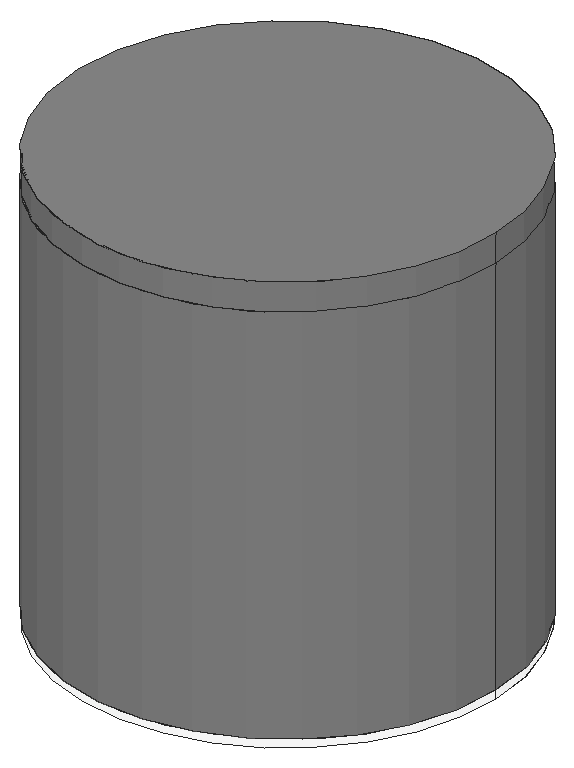
Revit family "M_Luminária embutida - Bocal embutido", category Luminárias, Revit 2019
Family settings
  Hospedeiro = Forro
  Cota do conector redondo = Utilizar diâmetro
  Tipo de parte = Normal
  Número OmniClass = 23.80.70.11.14.11
  Título OmniClass = Downlights
  ID de item do Seek = Downlight - Recessed Can-0000-CAN-ENU
  Sempre na vertical = Não
  Corte com vazios quando carregada = Não
  Fonte luminosa = Sim
  Compartilhado = Não
  Ponto de cálculo do ambiente = Não
Parameters (values of type "Fluorescente - 277V")
  Wattage = 18 W
  built-in parameter 1150110 = 1 (stored number, unit not read)
  built-in parameter 1114217 = 0.88 (stored number, unit not read)
  built-in parameter 1150109 = 1 (stored number, unit not read)
  built-in parameter 1150134 = 8
  built-in parameter 1150113 = 1 (stored number, unit not read)
  Tilt Angle = 90.00°
  built-in parameter 1010507 = 1.5708 (stored number, unit not read)
  built-in parameter 1010506 = 0.5236 (stored number, unit not read)
  Raio do recesso = Diâmetro do recesso / 2  # 100 mm
  Raio interno do recesso = Raio do recesso - 12.7 mm  # 87.3 mm
  Sombra = Aço, acabamento de pintura, cinza escuro, fosco
  built-in parameter 1150115 = 1 (stored number, unit not read)
  built-in parameter 1150105 = 4179.2 (stored number, unit not read)
  Classificação de carga = Iluminação - Unidade de interrupção
  Comprimento do símbolo da fonte luminosa = 1500 mm
  built-in parameter 1150137 = 1
  built-in parameter 1150139 = (empty or 0)
  built-in parameter 1150112 = 1 (stored number, unit not read)
  built-in parameter 1150114 = 1 (stored number, unit not read)
  built-in parameter 1150132 = (empty or 0)
  built-in parameter 1150102 = (empty or 0)
  built-in parameter 1150138 = (empty or 0)
  built-in parameter 1150107 = 4230 (stored number, unit not read)
  built-in parameter 1150106 = 41.792 (stored number, unit not read)
  built-in parameter 1150104 = 6.4512 (stored number, unit not read)
  Dimming Lamp Color Temperature Shift = (empty or 0)
  Difusor = Vidro, Branco, Alta Luminosidade
  Filtro de cor = 16777215
  Voltagem do transformador = 277 V
  Transformador por número de postes = 1
  built-in parameter 1114218 = 0.88 (stored number, unit not read)
  built-in parameter 1150133 = 10 (stored number, unit not read)
  Código de montagem = "D5020210"
  Altura do recesso = 200 mm
  Diâmetro do recesso = 200 mm
  Lamp = ""
  Lumens = 1249.92 lm
  Wattage Comments = ""
  Apparent Load = 18 VA
Types (7, lengths in mm): name | Wattage | built-in parameter 1114217 | built-in parameter 1150134 | Raio do recesso | Raio interno do recesso | built-in parameter 1150105 | Comprimento do símbolo da fonte luminosa | built-in parameter 1150107 | built-in parameter 1150106 | built-in parameter 1150104 | Voltagem do transformador | built-in parameter 1114218 | Código de montagem | Diâmetro do recesso | Lamp | Lumens | Apparent Load
  (no name) | 18 W | 0.88 (stored number, unit not read) | 8 | 100 | 87.3 | 4179.2 (stored number, unit not read) | 1500 | 4230 (stored number, unit not read) | 41.792 (stored number, unit not read) | 6.4512 (stored number, unit not read) | 277 V | 0.88 (stored number, unit not read) | "D5020210" | 200 | "" | 1249.92 lm | 18 VA
  152 mm Incandescente - 120V | 60 W | 1 (stored number, unit not read) | 4 | 75 | 62.3 | 2858.8 (stored number, unit not read) | 3048 | 2800 (stored number, unit not read) | 28.588 (stored number, unit not read) | 1.3239 (stored number, unit not read) | 120 V | 1 (stored number, unit not read) | "D5020220" | 150 | "A-19" | 855 lm | 60 VA
  203 mm Incandescente - 120V | 100 W | 1 (stored number, unit not read) | 4 | 100 | 87.3 | 5851.2 (stored number, unit not read) | 3048 | 2800 (stored number, unit not read) | 58.512 (stored number, unit not read) | 1.6258 (stored number, unit not read) | 120 V | 1 (stored number, unit not read) | "D5020220" | 200 | "A-19" | 1750 lm | 100 VA
  152 mm Incandescente - 277V | 60 W | 1 (stored number, unit not read) | 4 | 75 | 62.3 | 2858.8 (stored number, unit not read) | 3048 | 2800 (stored number, unit not read) | 28.588 (stored number, unit not read) | 1.3239 (stored number, unit not read) | 277 V | 1 (stored number, unit not read) | "D5020220" | 150 | "A-19" | 855 lm | 60 VA
  203 mm Incandescente - 277V | 100 W | 1 (stored number, unit not read) | 4 | 100 | 87.3 | 5851.2 (stored number, unit not read) | 3048 | 2800 (stored number, unit not read) | 58.512 (stored number, unit not read) | 1.6258 (stored number, unit not read) | 277 V | 1 (stored number, unit not read) | "D5020220" | 200 | "A-19" | 1750 lm | 100 VA
  Fluorescente - 120V | 18 W | 0.88 (stored number, unit not read) | 8 | 100 | 87.3 | 4179.2 (stored number, unit not read) | 3048 | 4230 (stored number, unit not read) | 41.792 (stored number, unit not read) | 6.4512 (stored number, unit not read) | 120 V | 0.88 (stored number, unit not read) | "D5020210" | 200 | "" | 1249.92 lm | 18 VA
  Fluorescente - 277V | 18 W | 0.88 (stored number, unit not read) | 8 | 100 | 87.3 | 4179.2 (stored number, unit not read) | 1500 | 4230 (stored number, unit not read) | 41.792 (stored number, unit not read) | 6.4512 (stored number, unit not read) | 277 V | 0.88 (stored number, unit not read) | "D5020210" | 200 | "" | 1249.92 lm | 18 VA
Reference planes
  plane 1 "Eixo de origem da luz": y = 0
  plane 2 "Forro": z = 2438.4
  plane 3 "Eixo de origem da luz": x = 0
  plane 4: x = 100
  plane 5: x = -100
  plane 6: z = 2638.4
  plane 7 "Elevação da origem da luz": z = 2514.6
  plane 8: z = 2442.4
Forms (mm)
  Extrusion 1, solid, material "Aço, acabamento de pintura, cinza escuro, fosco" <- "Sombra"
    sketch origin (0, 0, 2438.4) x (1, 0, 0) y (0, 1, 0)
      loop
        circle (0, 0) r 100
      loop
        circle (0, 0) r 87.3
    from 4 to 187.3
  Extrusion 2, solid, material "Aço, acabamento de pintura, cinza escuro, fosco" <- "Sombra"
    sketch origin (0, 0, 2625.7) x (1, 0, 0) y (0, 1, 0)
      loop
        circle (0, 0) r 100
    from 0 to 12.7
  Extrusion 3, solid, material "Vidro, Branco, Alta Luminosidade" <- "Difusor"
    sketch origin (0, 0, 0) x (1, 0, 0) y (0, 1, 0)
      loop
        circle (0, 0) r 100
    from 2438.4 to 2442.4
Lines and regions (mm)
  Opening 1
    outline origin (0, 0, 2438.4) x (1, 0, 0) y (0, 1, 0)
      loop
        circle (0, 0) r 100
  symbolic lines
    curve 1: arc (100, 0, 2438.4) -> (0, 100, 2438.4) -> (-100, 0, 2438.4) r 100
    curve 2: arc (-100, 0, 2438.4) -> (0, -100, 2438.4) -> (100, 0, 2438.4) r 100
  symbolic lines, detail levels coarse+medium
    curve 3: line (0, 0, 0) -> (70.711, 70.711, 0)
    curve 4: line (0, 0, 0) -> (-70.711, -70.711, 0)
Dimensions and locks
  equal spacing: host sketch curve, plane 3 "Eixo de origem da luz", host sketch curve
  equal spacing: host sketch curve, plane 1 "Eixo de origem da luz", host sketch curve
  host sketch curve to host sketch curve = 3048 mm  (x2)
  equal spacing: plane 5, plane 3 "Eixo de origem da luz", plane 4
  "Diâmetro do recesso": plane 5 to plane 4
  "Altura do recesso": plane 6 to plane 2 "Forro"
  locked: plane 6 to Extrusion 1 at 12.7
  locked: plane 7 "Elevação da origem da luz" to plane 2 "Forro" at 76.2
  "Raio do recesso": curve 3 to curve 3
  "Raio do recesso": curve 4 to curve 4
  radius of Extrusion 3 sketch curve = 100 mm
  "Raio do recesso": radius of Extrusion 3 sketch curve
  locked: plane 1 "Eixo de origem da luz" to curve 4 (angle 45.00°)
  locked: plane 1 "Eixo de origem da luz" to curve 3 (angle 45.00°)
  aligned and locked: Extrusion 2 to plane 6
  aligned and locked: Extrusion 2 to Extrusion 1
  aligned and locked: plane 3 "Eixo de origem da luz" to imposter light
  aligned and locked: plane 1 "Eixo de origem da luz" to imposter light
  aligned and locked: plane 7 "Elevação da origem da luz" to imposter light
  aligned and locked: Extrusion 3 to plane 2 "Forro"
  aligned and locked: plane 8 to Extrusion 3
  aligned and locked: Extrusion 1 to plane 8
Automatic sketch dimensions
  Opening 1 sketch curve to plane 1 "Eixo de origem da luz" = 0 mm
  Opening 1 sketch curve to plane 5 = 0 mm
  Opening 1 sketch curve to plane 3 "Eixo de origem da luz" = 0 mm  (x2)
  Extrusion 1 sketch curve to plane 1 "Eixo de origem da luz" = 0 mm  (x2)
  Extrusion 1 sketch curve to plane 5 = 0 mm
  Extrusion 1 sketch curve to plane 3 "Eixo de origem da luz" = 0 mm  (x3)
  Extrusion 1 sketch curve to plane 5 = 12.7 mm
  Extrusion 2 sketch curve to plane 1 "Eixo de origem da luz" = 0 mm
  Extrusion 2 sketch curve to plane 5 = 0 mm
  Extrusion 2 sketch curve to plane 3 "Eixo de origem da luz" = 0 mm  (x2)
  curve 2 to plane 1 "Eixo de origem da luz" = 0 mm
  curve 2 to plane 5 = 0 mm
  curve 2 to plane 3 "Eixo de origem da luz" = 0 mm
  curve 4 to plane 1 "Eixo de origem da luz" = 0 mm
  curve 3 to plane 3 "Eixo de origem da luz" = 0 mm
  plane 1 "Eixo de origem da luz" to Extrusion 3 sketch curve = 0 mm
  Extrusion 3 sketch curve to plane 3 "Eixo de origem da luz" = 0 mm
Connectors
  electrical at (0, 0, 2638.4), driven by "Apparent Load", driven by "Voltagem do transformador", driven by "Transformador por número de postes", driven by "Classificação de carga"
    settings: on Extrusion 2, index 1, voltage 277 V, apparent load 0 VA, apparent load phase1 18 VA, apparent load phase2 0 VA, apparent load phase3 0 VA, power factor 0.95, load classification "Iluminação - Unidade de interrupção", number of poles 1, system type 31, power factor state 1, is connector primary yes, connector utility no, sub classification motor no, connector description ""
